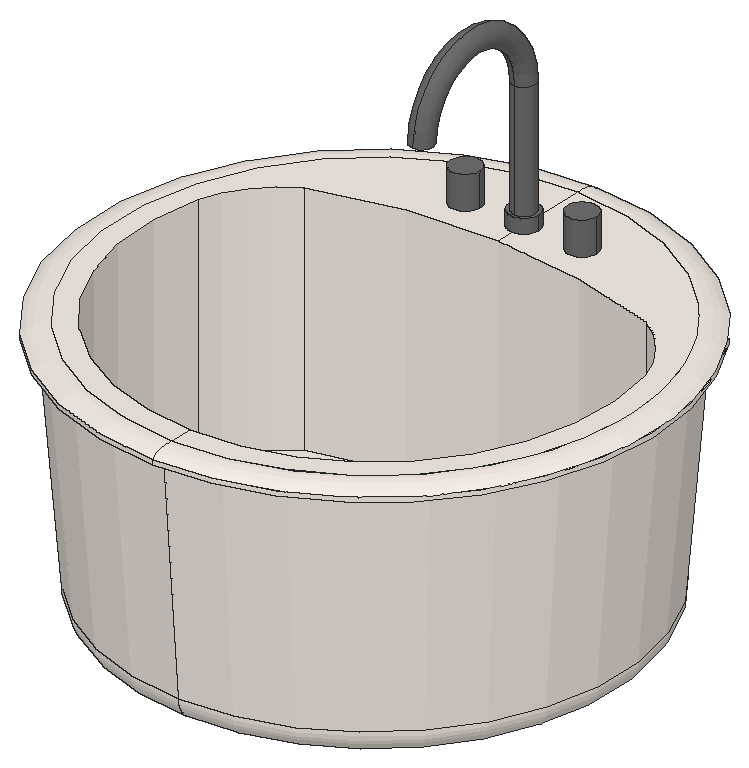
Revit family "48b71023de4646768c84bdb92f421bf0", category Plumbing Fixtures, Revit 2021
Family settings
  Round Connector Dimension = Use Diameter
  Part Type = Normal
  OmniClass Number = 23.45.05.14.14
  OmniClass Title = Sinks/Lavatories
  Seek Item ID = Sink Vanity-Round-0000-USA-ENU
  Work Plane-Based = No
  Always vertical = Yes
  Cut with Voids When Loaded = No
  Shared = Yes
  Room Calculation Point = No
Parameters (values of type "19" x 19"")
  Default Elevation = 0' - 0"
  Assembly Code = "D2010400"
  Basin Material = Porcelain, Linen
  Faucet Material = Steel, Polished
  Top Of Counter = 2' - 7"
Reference planes (in)
  plane 1: z = 0
  plane 2 "Center (Left/Right)": x = 3.80519
  plane 3 "Top Of Counter": z = 31
  plane 4: z = 31.375
  plane 5: x = -5.69481
  plane 6: x = 13.30519
  plane 7: y = 3.35306
  plane 8: y = 12.85306
  plane 9: y = -6.14694
  plane 10: y = 5.36427
  plane 11 "cold": x = 5.80519
  plane 12 "hot": x = 1.80519
  plane 13: y = 9.72806
  plane 14 "sweep": x = 3.80519
  plane 15: y = 9.72806
  plane 16: z = 32.5
  plane 17: z = 22.5
  plane 18: z = 31.8567
Forms (in)
  Revolve 1, solid, material "Porcelain, Linen" <- "Basin Material"
    sketch origin (3.80519, 0, 0) x (0, 1, 0) y (0, 0, 1)
      loop
        line (12.85306, 31) -> (12.85306, 31.15625)
        arc (12.85306, 31.15625) -> (12.46659, 31.34741) -> (12.03632, 31.375) r 1.0978
        line (12.03632, 31.375) -> (3.35306, 31.375) -> (3.35306, 22.5) -> (10.92369, 22.5)
        arc (10.92369, 22.5) -> (11.50477, 22.74582) -> (11.733, 23.33403) r 0.80967
        line (11.733, 23.33403) -> (12.38431, 31) -> (12.85306, 31)
      axis (3.35306, 31.375) -> (3.35306, 22.5)
    angle from 0 to 360
  Extrusion 2, solid
    sketch origin (0, 0, 0) x (1, 0, 0) y (0, 1, 0)
      loop
        circle (3.80519, 3.35306) r 0.8125
    from 23.33403 to 22.5
  Extrusion 3, solid, material "Steel, Polished" <- "Faucet Material"
    sketch origin (0, 0, 0) x (1, 0, 0) y (0, 1, 0)
      loop
        circle (5.80519, 9.72806) r 0.5
    from 32.5 to 31.375
  Extrusion 4, solid, material "Steel, Polished" <- "Faucet Material"
    sketch origin (-4, 0, 0) x (1, 0, 0) y (0, 1, 0)
      loop
        circle (5.80519, 9.72806) r 0.5
    from 32.5 to 31.375
  Extrusion 5, solid, material "Steel, Polished" <- "Faucet Material"
    sketch origin (-2, 0, 0) x (1, 0, 0) y (0, 1, 0)
      loop
        circle (5.80519, 9.72806) r 0.5
    from 31.375 to 31.8567
  Sweep 6, solid, material "Steel, Polished" <- "Faucet Material"
    path origin (3.80519, 0, 0) x (0, -1, 0) y (0, 0, 1)
      loop
        line (-9.72806, 31.375) -> (-9.72806, 35.8125)
        arc (-9.72806, 35.8125) -> (-7.54617, 37.99439) -> (-5.36427, 35.8125) r 2.18189
    profile origin (3.80519, 0, 33.59375) x (0, 1, 0) y (-1, 0, 0)
      loop
        circle (9.72806, 0) r 0.375
  Extrusion 7, void
    sketch origin (0, 0, 0) x (1, 0, 0) y (0, 1, 0)
      loop
        arc (-2.05329, 7.64119) -> (-3.16704, 6.66816) -> (-3.86497, 5.36427) r 4.11612
        arc (-3.86497, 5.36427) -> (3.80519, -4.5764) -> (11.47535, 5.36427) r 7.92946
        arc (11.47535, 5.36427) -> (10.77741, 6.66816) -> (9.66366, 7.64119) r 4.11612
        arc (9.66366, 7.64119) -> (3.80519, 8.63253) -> (-2.05329, 7.64119) r 17.80642
    from 31.375 to 23.33403
Cuts and joins
  Extrusion 7 cuts Revolve 1
  Extrusion 7 cuts Extrusion 2
  Extrusion 7 cuts Extrusion 3
  Extrusion 7 cuts Extrusion 4
  Extrusion 7 cuts Extrusion 5
  Extrusion 7 cuts Sweep 6
  joined: Extrusion 5, Sweep 6
Lines and regions (in)
  Masking region 1
    outline origin (0, 0, 31) x (0, -1, 0) y (1, 0, 0)
      loop
        circle (-3.35306, 3.80519) r 9.5
  symbolic lines
    curve 1: arc (4.61769, 3.35306, 31) -> (3.80519, 4.16556, 31) -> (2.99269, 3.35306, 31) r 0.8125
    curve 2: arc (2.99269, 3.35306, 31) -> (3.80519, 2.54056, 31) -> (4.61769, 3.35306, 31) r 0.8125
    curve 3: arc (6.30519, 9.72806, 31) -> (5.80519, 10.22806, 31) -> (5.30519, 9.72806, 31) r 0.5
    curve 4: arc (5.30519, 9.72806, 31) -> (5.80519, 9.22806, 31) -> (6.30519, 9.72806, 31) r 0.5
    curve 5: arc (4.18019, 9.72806, 31) -> (3.80519, 10.10306, 31) -> (3.43019, 9.72806, 31) r 0.375
    curve 6: arc (2.30519, 9.72806, 31) -> (1.80519, 10.22806, 31) -> (1.30519, 9.72806, 31) r 0.5
    curve 7: arc (1.30519, 9.72806, 31) -> (1.80519, 9.22806, 31) -> (2.30519, 9.72806, 31) r 0.5
    curve 8: arc (-3.86497, 5.36427, 31) -> (3.80519, -4.5764, 31) -> (11.47535, 5.36427, 31) r 7.92946
    curve 9: arc (-3.86497, 5.36427, 31) -> (-3.16704, 6.66816, 31) -> (-2.05329, 7.64119, 31) r 4.11612
    curve 10: arc (11.47535, 5.36427, 31) -> (10.77741, 6.66816, 31) -> (9.66366, 7.64119, 31) r 4.11612
    curve 11: arc (-2.05329, 7.64119, 31) -> (0.64959, 8.35069, 31) -> (3.43019, 8.62858, 31) r 17.80642
    curve 12: line (3.43019, 9.72806, 31) -> (3.43019, 5.36427, 31)
    curve 13: line (4.18019, 9.72806, 31) -> (4.18019, 5.36427, 31)
    curve 14: arc (3.43019, 5.36427, 31) -> (3.80519, 4.98927, 31) -> (4.18019, 5.36427, 31) r 0.375
    curve 15: arc (4.18019, 8.62858, 31) -> (6.96078, 8.35069, 31) -> (9.66366, 7.64119, 31) r 17.80642
Dimensions and locks (in)
  locked: plane 4 to plane 3 "Top Of Counter" at 0.375
  locked: plane 5 to plane 2 "Center (Left/Right)" at 9.5
  locked: plane 2 "Center (Left/Right)" to plane 6 at 9.5
  plane 7 to plane 8 = 0' - 9 1/2"
  plane 9 to plane 7 = 0' - 9 1/2"
  locked: plane 12 "hot" to plane 2 "Center (Left/Right)" at 2
  locked: plane 2 "Center (Left/Right)" to plane 11 "cold" at 2
  locked: plane 13 to plane 8 at 3.125
  "Top Of Counter": plane 3 "Top Of Counter" to plane 1
  locked: plane 16 to plane 3 "Top Of Counter" at 1.5
  locked: plane 3 "Top Of Counter" to plane 17 at 8.5
  plane 18 to plane 4 = 0' - 0.4817"
  aligned and locked: plane 16 to Extrusion 3
  aligned and locked: plane 4 to Extrusion 3
  aligned and locked: Extrusion 3 to Extrusion 4
  aligned and locked: plane 4 to Extrusion 4
  aligned and locked: Revolve 1 sketch curve to plane 17
  aligned and locked: Extrusion 7 to Revolve 1
  aligned and locked: Extrusion 7 to plane 4
  aligned and locked: Extrusion 2 to cut or joined group of Revolve 1, Extrusion 7
  aligned and locked: plane 17 to Extrusion 2
  aligned and locked: Extrusion 5 to plane 18
  aligned and locked: plane 4 to Extrusion 5
  aligned and locked: Masking region 1 sketch curve to cut or joined group of Revolve 1, Extrusion 7
Automatic sketch dimensions
  Extrusion 2 sketch curve to plane 7 = 0' - 0"
  Extrusion 2 sketch curve to plane 2 "Center (Left/Right)" = 0' - 0"
  Extrusion 2 sketch curve to plane 2 "Center (Left/Right)" = 0' - 0 13/16"
  Extrusion 3 sketch curve to plane 13 = 0' - 0"
  Extrusion 3 sketch curve to plane 11 "cold" = 0' - 0"
  Extrusion 3 sketch curve to Extrusion 3 sketch curve = 0' - 0 1/2"
  Extrusion 4 sketch curve to Extrusion 4 sketch curve = 0' - 0 1/2"
  Extrusion 4 sketch curve to plane 13 = 0' - 0"
  Extrusion 4 sketch curve to plane 11 "cold" = 0' - 4"
  Extrusion 5 sketch curve to Extrusion 5 sketch curve = 0' - 0 1/2"
  Extrusion 5 sketch curve to plane 13 = 0' - 0"
  Extrusion 5 sketch curve to plane 11 "cold" = 0' - 2"
  Sweep 6 sketch curve to plane 13 = 0' - 0"
  Sweep 6 sketch curve to plane 10 = 0' - 0"
  Sweep 6 sketch curve to plane 4 = 0' - 0"
  Sweep 6 sketch curve to plane 3 "Top Of Counter" = 0' - 4 13/16"
  Sweep 6 sketch curve to plane 14 "sweep" = 0' - 0"
  Sweep 6 sketch curve to profile plane = 0' - 0"
  profile plane to Sweep 6 sketch curve = 0' - 0 3/8"
  Revolve 1 sketch curve to plane 7 = 0' - 0"  (x2)
  Revolve 1 sketch curve to level = 0' - 0"
  Revolve 1 sketch curve to plane 4 = 0' - 0"  (x2)
  Revolve 1 sketch curve to plane 3 "Top Of Counter" = 0' - 0"
  Revolve 1 sketch curve to plane 8 = 0' - 0"
  plane 8 to Revolve 1 sketch curve = 0' - 1.92937"
  Revolve 1 sketch curve to Revolve 1 sketch curve = 0' - 0.8093"
  plane 8 to Revolve 1 sketch curve = 0' - 0.81674"
  Revolve 1 sketch curve to Revolve 1 sketch curve = 0' - 0.67048"
  plane 8 to Revolve 1 sketch curve = 0' - 0 15/32"
  Revolve 1 sketch curve to Revolve 1 sketch curve = 0' - 0.80967"
  Revolve 1 sketch curve to Revolve 1 sketch curve = 0' - 0.71301"
  Extrusion 7 sketch curve to plane 10 = 0' - 0"  (x2)
  Extrusion 7 sketch curve to plane 2 "Center (Left/Right)" = 0' - 0"  (x2)
  Extrusion 7 sketch curve to plane 7 = 0' - 0"
  Extrusion 7 sketch curve to plane 7 = 0' - 0.75228"  (x2)
  Extrusion 7 sketch curve to plane 2 "Center (Left/Right)" = 0' - 3.75129"
  Extrusion 7 sketch curve to Extrusion 7 sketch curve = 0' - 2.10718"
  Extrusion 7 sketch curve to Extrusion 7 sketch curve = 0' - 1.81169"
  plane 2 "Center (Left/Right)" to Extrusion 7 sketch curve = 0' - 3.75129"
  plane 9 to Extrusion 7 sketch curve = 0' - 3.02695"
  curve 1 to curve 8 = 0' - 0"  (x2)
  curve 11 to curve 15 = 0' - 0"  (x2)
  curve 7 to plane 13 = 0' - 0"
  curve 13 to plane 13 = 0' - 0"
  curve 3 to plane 11 "cold" = 0' - 0"
  curve 3 to plane 13 = 0' - 0"
  curve 5 to plane 2 "Center (Left/Right)" = 0' - 0"
  curve 8 to plane 10 = 0' - 0"
  curve 9 to plane 10 = 0' - 0"
  curve 13 to plane 10 = 0' - 0"
  curve 1 to plane 7 = 0' - 0"
  curve 11 to plane 2 "Center (Left/Right)" = 0' - 0"
  curve 6 to plane 12 "hot" = 0' - 0"
  curve 8 to plane 2 "Center (Left/Right)" = 0' - 0"
  curve 5 to curve 11 = 0' - 1.09948"
  curve 15 to curve 11 = 0' - 0"
  plane 13 to curve 15 = 0' - 2.08687"
  curve 10 to plane 7 = 0' - 0.75228"
  curve 9 to plane 7 = 0' - 0.75228"
  plane 9 to curve 11 = 0' - 3.02695"
  curve 6 to plane 12 "hot" = 0' - 0 1/2"
  curve 9 to plane 12 "hot" = 0' - 1.75129"
  curve 1 to plane 2 "Center (Left/Right)" = 0' - 0 13/16"
  curve 5 to plane 2 "Center (Left/Right)" = 0' - 0 3/8"
  curve 4 to plane 11 "cold" = 0' - 0 1/2"
  plane 11 "cold" to curve 10 = 0' - 1.75129"
